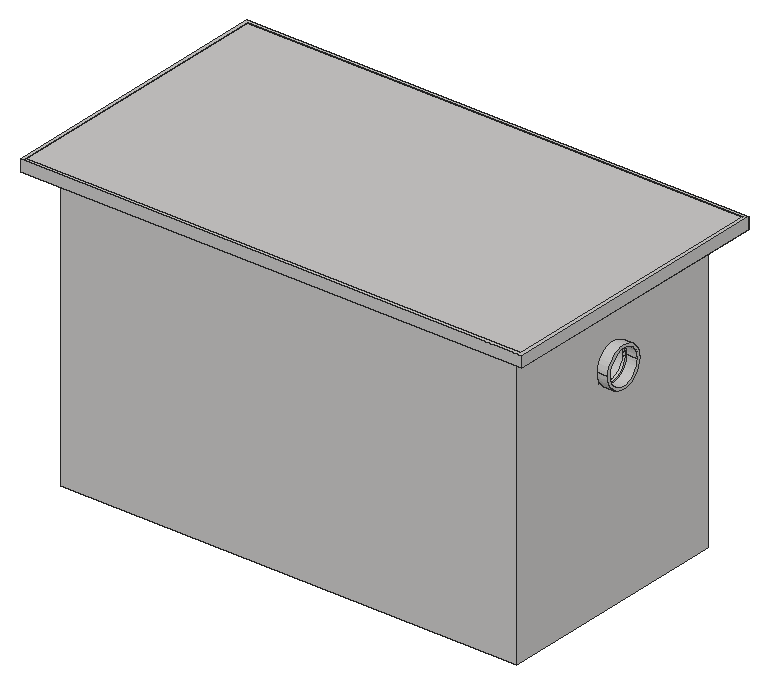
Revit family "Interceptor_Grease-Zurn-GT2702", category Plumbing Fixtures, Revit 2022
Family settings
  Round Connector Dimension = Use Radius
  Part Type = Normal
  OmniClass Number = 23.45.30.00
  OmniClass Title = Washing and Waste Disposal Equipment
  Work Plane-Based = No
  Always vertical = Yes
  Cut with Voids When Loaded = No
  Maintain Annotation Orientation = No
  Shared = No
  Room Calculation Point = No
Parameters (values of type "Load Family Type Catalog")
  Waste Connection = 1 = 1  # yes
  WFU = 1  # constant formula
  Vent Connection = 1 = 0  # no
  URL = "www.zurn.com"
  Type Comments = "GT2702-75 3 Inch Female NPT"
  Product data URL = "https://bimobject.com/zurnindustries/product/GT2702"
  Product Page URL = "https://www.zurn.com/products/drainage-interceptors/interceptors/grease-interceptor/gt2702"
  Product Installation Sheet URL = "https://files.zurn.com/care-cleaning-install-warranty-sheets/lc31.pdf"
  Product Documentation Link = "https://files.zurn.com/spec-sheets/gt2702.pdf"
  Pipe Size_A Outer Radius = 1.750"
  Pipe Size_A Nominal Radius = 1.500"
  Pipe Size_A Inside Radius = 1.534"
  Modified Date = "01/09/2026"  # constant formula
  Model = "GT2702"  # constant formula
  Material = Steel - Zurn - Stainless - Type - 304
  Manufacturer Brand = "Zurn"  # constant formula
  Manufacturer = "Zurn Water, LLC"  # constant formula
  Liquid Holding Capacity Gal. (L) = 61.800"
  HWFU = 0  # constant formula
  HW Connection = 1 = 0  # no
  Grease Capacity Lbs. = 150.000"
  G Dimension = 25.000"
  Flow Rate G.P.M. = 75.000"
  F Dimension = 44.250"
  E Dimension = D Dimension  # 5.750"
  Description = "Polyethylene Grease Interceptor"  # constant formula
  Default Elevation = 20.000"  # constant formula
  Date Created = "11/13/2018"  # constant formula
  D Dimension = 5.750"
  Cover Diameter_2 = 1.539"
  Cover Diameter = 1.500"
  CWFU = 0  # constant formula
  CW Connection = 1 = 0  # no
  C Dimension = 25.000"
  Box Cover [instance] = yes
  Body Offset 03 = 2.000"
  Body Offset 02 = 2.250"
  Body Offset 01 = 2.250"
  Assembly Code = "D2090300"
Reference planes (in)
  plane 1 "Center (Front/Back)": y = 0
  plane 2: z = 0
  plane 3 "Center (Left/Right)": x = 0
  plane 4: y = 12.5
  plane 5: y = -12.5
  plane 6: x = -22.125
  plane 7: x = 22.125
  plane 8: y = 10.25
  plane 9: x = 19.875
  plane 10: x = -19.875
  plane 11: y = -10.25
  plane 12: x = -21.125
  plane 13: x = 21.125
  plane 14 "Body Offset_03": x = -20.125
  plane 15: x = 20.125
  plane 16: y = 1.75
  plane 17: y = -1.75
  plane 18: z = 25
  plane 19: z = 26
  plane 20: z = 19.25
  plane 21: y = 10.5
  plane 22: y = -21
  plane 23: y = -10.5
  plane 24: z = 21
  plane 25: z = 17.5
Forms (in)
  Sweep 1, solid, material "Steel - Zurn - Stainless - Type - 304" <- "Material", detail levels fine
    path origin (0, 0, 0) x (1, 0, 0) y (0, 1, 0)
      loop
        line (-22.125, 12.5) -> (-22.125, -12.5) -> (22.125, -12.5) -> (22.125, 12.5) -> (-22.125, 12.5)
    profile origin (0, 12.5, 0) x (0, 1, 0) y (0, 0, 1)
      loop
        line (-0.25, 26) -> (-0.25, 25.25) -> (-2.25, 25.25) -> (-2.25, 0) -> (-2, 0) -> (-2, 25) -> (0, 25) -> (0, 26) -> (-0.25, 26)
  Extrusion 2, solid, material "Steel - Zurn - Stainless - Type - 304" <- "Material", detail levels fine
    sketch origin (0, 0, 0) x (1, 0, 0) y (0, 0, 1)
      loop
        line (-20.125, 25) -> (-20.125, 0) -> (20.125, 0) -> (20.125, 25) -> (-20.125, 25)
    from -10.5 to 10.5
  Extrusion 3, solid, material "Steel - Zurn - Stainless - Type - 304" <- "Material", detail levels fine
    sketch origin (0, 0, 0) x (1, 0, 0) y (0, 0, 1)
      loop
        line (-22.125, 26) -> (-22.125, 25) -> (22.125, 25) -> (22.125, 26) -> (-22.125, 26)
    from -12.5 to 12.5
  Extrusion 4, solid, material "Steel - Zurn - Stainless - Type - 304" <- "Material", detail levels fine
    sketch origin (0, 0, 0) x (0, 1, 0) y (0, 0, 1)
      loop
        circle (0, 19.25) r 1.75
      loop
        circle (0, 19.25) r 1.534
    from -21.125 to -19.875
  Extrusion 5, solid, material "Steel - Zurn - Stainless - Type - 304" <- "Material", detail levels fine
    sketch origin (0, 0, 0) x (0, 1, 0) y (0, 0, -1)
      loop
        circle (0, -19.25) r 1.75
      loop
        circle (0, -19.25) r 1.534
    from -21.125 to -19.875
  Extrusion 6, void
    sketch origin (21.125, -60, 15.28332) x (0, 0, -1) y (0, -1, 0)
      loop
        circle (-3.96668, -60) r 1.5
    from 0 to 42.25
Cuts and joins
  Extrusion 6 cuts Extrusion 2
  Extrusion 6 cuts Extrusion 3
  joined: Extrusion 2, Extrusion 3
  Extrusion 6 cuts Sweep 1
Lines and regions (in)
  Masking region 1, detail levels fine
    outline origin (-28.78097, -60, -4) x (-1, 0, 0) y (0, -1, 0)
      loop
        line (-50.90597, -72.5) -> (-6.65597, -72.5) -> (-6.65597, -47.5) -> (-50.90597, -47.5) -> (-50.90597, -72.5)
  model lines, detail levels coarse+medium
    curve 1: line (22.125, 0, 25) -> (22.125, 0, 26)
    curve 2: line (-22.125, 0, 25) -> (-22.125, 0, 26)
    curve 3: line (22.125, 0, 25) -> (20.125, 0, 25)
    curve 4: line (-20.125, 0, 25) -> (-22.125, 0, 25)
    curve 5: line (20.125, 0, 25) -> (22.125, 0, 25)
    curve 6: line (20.125, 0, 0) -> (20.125, 0, 25)
    curve 7: line (-20.125, 0, 25) -> (-20.125, 0, 0)
    curve 8: line (20.125, 0, 0) -> (-20.125, 0, 0)
    curve 9: line (-22.125, -12.5, 26) -> (22.125, -12.5, 26)
    curve 10: line (-22.125, 12.5, 26) -> (22.125, 12.5, 26)
    curve 11: line (-22.125, -12.5, 26) -> (-22.125, 12.5, 26)
    curve 12: line (22.125, -12.5, 26) -> (22.125, 12.5, 26)
    curve 13: line (-21.125, 0, 19.25) -> (-20.125, 0, 19.25)
    curve 14: line (21.125, 0, 19.25) -> (20.125, 0, 19.25)
    curve 15: line (21.125, 0, 17.5) -> (21.125, 0, 21)
    curve 16: line (-21.125, 0, 17.5) -> (-21.125, 0, 21)
    curve 17: line (21.125, 1.75, 19.25) -> (21.125, -1.75, 19.25)
    curve 18: line (-21.125, 1.75, 19.25) -> (-21.125, -1.75, 19.25)
Dimensions and locks (in)
  equal spacing: plane 6, plane 3 "Center (Left/Right)", plane 7
  "F Dimension": plane 6 to plane 7
  equal spacing: plane 4, plane 1 "Center (Front/Back)", plane 5
  "G Dimension": plane 4 to plane 5
  "Body Offset 02": plane 4 to plane 8
  "Body Offset 01": plane 6 to plane 10
  "Body Offset 02": plane 11 to plane 5
  "Body Offset 01": plane 9 to plane 7
  locked: Sweep 1 sketch curve to Sweep 1 sketch curve at 0.25  (x3)
  locked: Sweep 1 sketch curve to plane 4 at 2.25
  locked: plane 10 to Extrusion 2 sketch curve at 0.25
  locked: Extrusion 2 sketch curve to plane 9 at 0.25
  locked: Extrusion 2 to plane 8 at 0.25
  locked: Extrusion 2 to plane 11 at 0.25
  locked: plane 10 to plane 12 at 1.25
  locked: plane 13 to plane 9 at 1.25
  "Body Offset 03": plane 6 to plane 14 "Body Offset_03"
  equal spacing: plane 16, plane 1 "Center (Front/Back)", plane 17
  "Pipe Size_A Outer Radius": plane 16 to plane 1 "Center (Front/Back)"
  plane 19 to level = 26.000"
  equal spacing: plane 17, plane 1 "Center (Front/Back)", plane 16
  "Pipe Size_A Outer Radius": plane 1 "Center (Front/Back)" to plane 16
  locked: plane 19 to plane 18 at 1
  "D Dimension": plane 18 to plane 20
  "C Dimension": plane 18 to level
  "Body Offset 03": plane 4 to plane 21
  plane 5 to plane 22 = 8.500"
  "Body Offset 03": plane 5 to plane 23
  "Body Offset 03": plane 15 to plane 7
  "Pipe Size_A Outer Radius": plane 24 to plane 20
  "Pipe Size_A Outer Radius": plane 20 to plane 25
  "Pipe Size_A Inside Radius": radius of Extrusion 4 sketch curve
  "Pipe Size_A Outer Radius": radius of Extrusion 4 sketch curve
  "Pipe Size_A Inside Radius": radius of Extrusion 5 sketch curve
  "Pipe Size_A Outer Radius": radius of Extrusion 5 sketch curve
  "Pipe Size_A Nominal Radius": radius of Extrusion 6 sketch curve
  aligned and locked: level to plane 2
  aligned and locked: Sweep 1 sketch curve to plane 4  (x2)
  aligned and locked: Sweep 1 sketch curve to plane 7
  aligned and locked: plane 6 to Sweep 1 sketch curve
  aligned and locked: plane 5 to Sweep 1 sketch curve
  aligned and locked: plane 6 to Extrusion 3 sketch curve
  aligned and locked: Extrusion 3 sketch curve to plane 7
  aligned and locked: plane 4 to Extrusion 3
  aligned and locked: Extrusion 3 to plane 5
  aligned and locked: Extrusion 4 to plane 12
  aligned and locked: Extrusion 2 to level
  aligned and locked: Extrusion 2 to Sweep 1
  aligned and locked: plane 10 to Extrusion 4
  aligned and locked: plane 20 to Extrusion 5 sketch curve  (x2)
  aligned and locked: plane 1 "Center (Front/Back)" to Extrusion 5 sketch curve  (x2)
  aligned and locked: plane 20 to Extrusion 6 sketch curve
  aligned and locked: Extrusion 6 to plane 12
  aligned and locked: plane 13 to Extrusion 6
  aligned and locked: plane 13 to Extrusion 5
  aligned and locked: Extrusion 5 to plane 9
  aligned and locked: plane 19 to curve 1
  aligned and locked: plane 19 to curve 2
  aligned and locked: plane 18 to curve 2
  aligned and locked: plane 6 to curve 2
  aligned and locked: plane 7 to curve 3
  aligned and locked: curve 3 to plane 18
  aligned and locked: plane 15 to curve 5
  aligned and locked: plane 18 to curve 6
  aligned and locked: level to curve 6
  aligned and locked: plane 18 to curve 7
  aligned and locked: level to curve 7
  aligned and locked: curve 7 to plane 14 "Body Offset_03"
  aligned and locked: plane 15 to curve 8
  aligned and locked: plane 14 "Body Offset_03" to curve 8
  aligned and locked: plane 6 to curve 10
  aligned and locked: plane 7 to curve 10
  aligned and locked: plane 7 to curve 9
  aligned and locked: plane 6 to curve 9
  aligned and locked: curve 9 to plane 5
  aligned and locked: curve 10 to plane 4
  aligned and locked: plane 4 to curve 12
  aligned and locked: plane 5 to curve 12
  aligned and locked: plane 15 to curve 14
  aligned and locked: plane 12 to curve 13
  aligned and locked: plane 1 "Center (Front/Back)" to curve 13
  aligned and locked: plane 13 to curve 14
  aligned and locked: curve 14 to plane 1 "Center (Front/Back)"
  aligned and locked: plane 24 to curve 15
  aligned and locked: plane 25 to curve 15
  aligned and locked: curve 15 to plane 13
  aligned and locked: plane 24 to curve 16
  aligned and locked: plane 25 to curve 16
  aligned and locked: curve 16 to plane 12
  aligned and locked: plane 16 to curve 17
  aligned and locked: plane 17 to curve 17
  aligned and locked: curve 17 to plane 20
  aligned and locked: plane 16 to curve 18
  aligned and locked: plane 17 to curve 18
  aligned and locked: curve 18 to plane 20
Automatic sketch dimensions
  Sweep 1 sketch curve to level = 0.000"
  Sweep 1 sketch curve to Sweep 1 sketch curve = 25.000"
  Sweep 1 sketch curve to Sweep 1 sketch curve = 0.750"
  Extrusion 2 sketch curve to level = 0.000"
  plane 18 to Extrusion 2 sketch curve = 0.000"
  Extrusion 3 sketch curve to plane 18 = 0.000"
  Extrusion 3 sketch curve to plane 19 = 0.000"
  Masking region 1 sketch curve to plane 4 = 0.000"
  Masking region 1 sketch curve to plane 7 = 0.000"
  Masking region 1 sketch curve to plane 5 = 0.000"
  Masking region 1 sketch curve to plane 6 = 0.000"
  curve 13 to plane 14 "Body Offset_03" = 0.000"
  Extrusion 4 sketch curve to Extrusion 4 sketch curve = 0.000"  (x2)
  Extrusion 4 sketch curve to plane 1 "Center (Front/Back)" = 0.000"
  Extrusion 4 sketch curve to plane 20 = 0.000"
  Extrusion 6 sketch curve to plane 1 "Center (Front/Back)" = 0.000"
Connectors (in)
  piping at (21.125, 0, 19.25), diameter 3, driven by "Pipe Size_A Nominal Radius", driven by "Waste Connection"
    settings: on Extrusion 5, index 1, connector inside diameter 609.6 mm, connector length 0.000", flow factor 0, pipe flow 0.0 L/s, pressure drop 0.0 Pa, fitting loss kfactor 0, connector angle 0.00°, fixture units 0, engagement length 0.000", angle of deflection 0.00°, flow configuration 0, flow direction 2, fitting loss method 0, system type 16, joint type 0, gender type 0, connector reference index -1, connector utility 1, adjustable connector no, is connector primary yes, connector description "Sanitary Outlet"
  piping at (-21.125, 0, 19.25), diameter 3, driven by "Pipe Size_A Nominal Radius", driven by "Waste Connection"
    settings: on Extrusion 4, index 2, connector inside diameter 609.6 mm, connector length 0.000", flow factor 0, pipe flow 0.0 L/s, pressure drop 0.0 Pa, fitting loss kfactor 0, connector angle 0.00°, fixture units 0, engagement length 0.000", angle of deflection 0.00°, flow configuration 0, flow direction 1, fitting loss method 0, system type 16, joint type 0, gender type 0, connector reference index -1, connector utility 1, adjustable connector no, is connector primary no, connector description "Sanitary Inlet"
Types in the file's own list only (9): name | Type Comments | Pipe Size_A Outer Radius | Pipe Size_A Nominal Radius | Pipe Size_A Inside Radius | Liquid Holding Capacity Gal. (L) | Grease Capacity Lbs. | G Dimension | Flow Rate G.P.M. | F Dimension | E Dimension | Default Elevation | D Dimension | Cover Diameter_2 | Cover Diameter | C Dimension | Body Offset 03 | Body Offset 02 | Body Offset 01
  GT2702-75-3 NPT | "GT2702-75 3 Inch Female NPT" | 1.750 " | 1.500 " | 1.534 " | 61.800 " | 150.000 " | 25.000 " | 75.000 " | 44.250 " | 5.750 " | 20.000 " | 5.750 " | 1.539 " | 1.500 " | 25.000 " | 2.000 " | 2.250 " | 2.250 "
  GT2702-50-3 NPT | "GT2702-50 3 Inch Female NPT" | 1.750 " | 1.500 " | 1.534 " | 35.500 " | 100.000 " | 25.000 " | 50.000 " | 37.000 " | 4.000 " | 20.000 " | 4.000 " | 1.539 " | 1.500 " | 18.000 " | 2.000 " | 2.250 " | 2.000 "
  GT2702-35-3 NPT | "GT2702-35 3 Inch Female NPT" | 1.750 " | 1.500 " | 1.534 " | 26.100 " | 70.000 " | 22.000 " | 35.000 " | 32.500 " | 4.000 " | 20.000 " | 4.000 " | 1.539 " | 1.500 " | 18.000 " | 2.000 " | 2.250 " | 2.250 "
  GT2702-25-3 NPT | "GT2702-25 3 Inch Female NPT" | 1.750 " | 1.500 " | 1.534 " | 20.800 " | 50.000 " | 19.500 " | 25.000 " | 32.500 " | 4.000 " | 20.000 " | 4.000 " | 1.539 " | 1.500 " | 17.000 " | 2.000 " | 2.250 " | 2.250 "
  GT2702-20-2 NPT | "GT2702-20 2 Inch Female NPT" | 1.188 " | 1.000 " | 1.034 " | 15.000 " | 40.000 " | 19.500 " | 20.000 " | 29.000 " | 3.500 " | 20.000 " | 3.500 " | 1.539 " | 1.500 " | 14.000 " | 2.000 " | 2.250 " | 2.250 "
  GT2702-15-2 NPT | "GT2702-15 2 Inch Female NPT" | 1.188 " | 1.000 " | 1.034 " | 10.200 " | 30.000 " | 19.500 " | 15.000 " | 23.000 " | 3.500 " | 20.000 " | 3.500 " | 1.539 " | 1.500 " | 13.000 " | 2.000 " | 2.250 " | 2.250 "
  GT2702-10-2 NPT | "GT2702-10 2 Inch Female NPT" | 1.188 " | 1.000 " | 1.034 " | 6.000 " | 20.000 " | 14.500 " | 10.000 " | 23.000 " | 3.500 " | 20.000 " | 3.500 " | 1.539 " | 1.500 " | 12.000 " | 2.000 " | 2.250 " | 2.250 "
  GT2702-07-2 NPT | "GT2702-07 2 Inch Female NPT" | 1.188 " | 1.000 " | 1.034 " | 4.600 " | 14.000 " | 14.500 " | 7.000 " | 20.000 " | 3.250 " | 20.000 " | 3.250 " | 1.539 " | 1.500 " | 11.000 " | 2.000 " | 2.250 " | 2.250 "
  GT2702-04-2 NPT | "GT2702-04 2 Inch Female NPT" | 1.188 " | 1.000 " | 1.034 " | 1.500 " | 8.000 " | 10.000 " | 4.000 " | 15.000 " | 2.000 " | 20.000 " | 2.000 " | 1.539 " | 1.500 " | 9.500 " | 1.750 " | 2.250 " | 2.000 "
